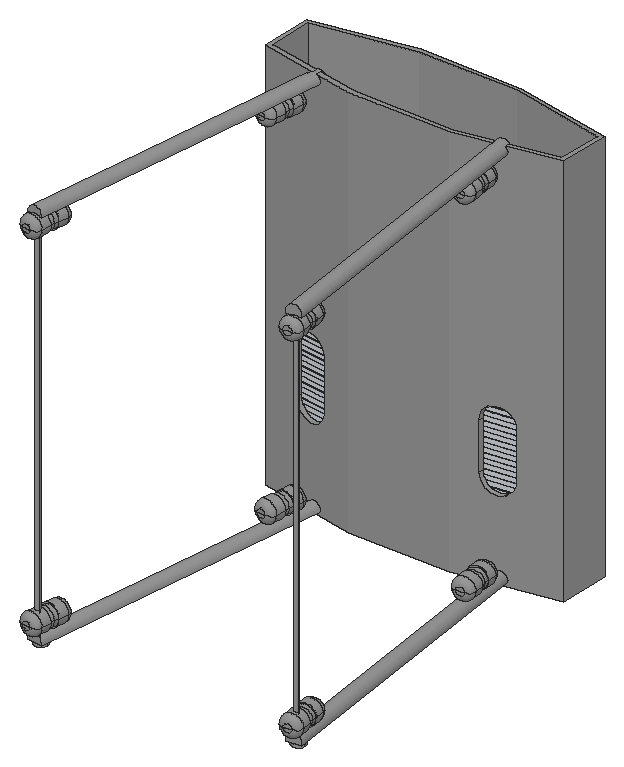
Revit family "Тренажер Кинезис Kinesis одномодульный Technogym", category Оборудование, Revit 2017
Family settings
  Размер круглого соединителя = Использовать диаметр
  Тип детали = Нормальный
  На основе рабочей плоскости = Нет
  Всегда вертикально = Да
  При загрузке вырезать с полостями = Нет
  Общий = Нет
  Точка расчета площади = Нет
Parameters (values of type "Многофункциональный тренажер Кинезис одномодульный")
  Ширина = 1360.0 mm
  Примечание = ""
  Позиция = ""
  Обозначение = "ML14"
  Наименование = "Многофункциональный тренажер Кинезис одномодульный, габариты (ВГШ): 2120х1802х1360"
  Масса = "365"
  Код оборудования = ""
  Keynote = ""
  Изготовитель = "Severin"
  Завод = "Technogym"
  Единицы = "шт."
  Группа модели = "ТХ"
  Глубина = 1802.0 mm
  Высота = 2120.0 mm
Types (2, lengths in mm): name | Обозначение | Наименование | Масса | Код оборудования | Изготовитель | Высота
  Многофункциональный тренажер Кинезис одномодульный | "ML14" | "Многофункциональный тренажер Кинезис одномодульный, габариты (ВГШ): 2120х1802х1360" | "365" | "" | "Severin" | 2120.0
  1640х1405х2120 | "-" | "Многофункциональный тренажер Кинезис Одномодульный" | "365 кг." | "ML14" | "Ant" | 1800.0
Reference planes
  plane 1 "По центру (Вперед/Назад)": y = 0
  plane 2: z = 0
  plane 3 "По центру (Влево/Вправо)": x = 0
  plane 4: x = -680
  plane 5: x = 680
  plane 6: y = 901
  plane 7: y = -901
  plane 8: z = 2120
  plane 9: z = 1060
Forms (mm)
  Extrusion 1, solid, material "Пластмасса, непрозрачная, белая", detail levels coarse+fine
    sketch origin (0, 0, 0) x (1, 0, 0) y (0, 1, 0)
      loop
        line (-680, 801) -> (-680, 571)
        arc (-680, 571) -> (0, 471) -> (680, 571) r 2362
        line (680, 571) -> (680, 801)
        arc (680, 801) -> (0, 901) -> (-680, 801) r 2362
      loop
        arc (660, 786.079) -> (0, 881) -> (-660, 786.079) r 2342
        line (-660, 786.079) -> (-660, 585.921)
        arc (-660, 585.921) -> (0, 491) -> (660, 585.921) r 2342
        line (660, 585.921) -> (660, 786.079)
    from 0 to 1800
  Extrusion 2, void
    sketch origin (0, 0, 210) x (1, 0, 0) y (0, 0, 1)
      loop
        arc (351.308, 235.362) -> (426.308, 160.362) -> (501.308, 235.362) r 75
        line (501.308, 235.362) -> (501.308, 450.362)
        arc (501.308, 450.362) -> (426.308, 525.362) -> (351.308, 450.362) r 75
        line (351.308, 450.362) -> (351.308, 235.362)
      loop
        line (-351.308, 235.362) -> (-351.308, 450.362)
        arc (-351.308, 450.362) -> (-426.308, 525.362) -> (-501.308, 450.362) r 75
        line (-501.308, 450.362) -> (-501.308, 235.362)
        arc (-501.308, 235.362) -> (-426.308, 160.362) -> (-351.308, 235.362) r 75
    from -653.712 to -480.91
  Sweep 3, solid, material "Пластмасса, непрозрачная, черная", detail levels coarse+fine
    path origin (0, 0, 0) x (1, 0, 0) y (0, 1, 0)
      loop
        line (-417.787, 548.826) -> (-590.841, -860.59)
    profile origin (-504.314, -155.882, 0) x (0.992546, -0.121869, 0) y (0, 0, 1)
      loop
        line (0, 15) -> (35, 15)
        arc (35, 15) -> (0, 50) -> (-35, 15) r 35
        line (-35, 15) -> (0, 15)
      loop
        line (0, 1766.167) -> (35, 1766.167)
        arc (35, 1766.167) -> (0, 1801.167) -> (-35, 1766.167) r 35
        line (-35, 1766.167) -> (0, 1766.167)
  Sweep 4, solid, material "Пластмасса, непрозрачная, черная", detail levels coarse+fine
    path origin (0, 0, 0) x (-1, 0, 0) y (0, 1, 0)
      loop
        line (-417.787, 548.826) -> (-590.841, -860.59)
    profile origin (504.314, -155.882, 0) x (0.992546, 0.121869, 0) y (0, 0, 1)
      loop
        line (0, 15) -> (33.541, 15)
        arc (33.541, 15) -> (0, 60) -> (-33.541, 15) r 35
        line (-33.541, 15) -> (0, 15)
      loop
        line (0, 1766.167) -> (33.541, 1766.167)
        arc (33.541, 1766.167) -> (0, 1811.167) -> (-33.541, 1766.167) r 35
        line (-33.541, 1766.167) -> (0, 1766.167)
  Extrusion 5, solid, material "Пластмасса, непрозрачная, черная", detail levels fine
    sketch origin (0, 15, 0) x (1, 0, 0) y (0, 1, 0)
      loop
        circle (-590.841, -860.59) r 10
    from 15 to 1766.167
  Extrusion 6, solid, material "Пластмасса, непрозрачная, черная", detail levels fine
    sketch origin (0, 15, 0) x (-1, 0, 0) y (0, -1, 0)
      loop
        circle (-590.841, 860.59) r 10
    from 15 to 1766.167
  Revolve 7, solid, material "Пластмасса, непрозрачная, черная", detail levels fine
    sketch origin (646.344, 679.248, 97.5) x (0.992546, -0.121869, 0) y (0.121869, 0.992546, 0)
      loop
        line (-1041.359, -359.894) -> (-1041.359, -549.894) -> (-1021.359, -549.894)
        arc (-1021.359, -549.894) -> (-1001.359, -541.61) -> (-993.075, -521.61) r 28.284
        line (-993.075, -521.61) -> (-993.075, -476.61) -> (-998.075, -476.61) -> (-998.075, -454.894) -> (-998.075, -433.178) -> (-993.075, -433.178) -> (-993.075, -388.178)
        arc (-993.075, -388.178) -> (-1001.359, -368.178) -> (-1021.359, -359.894) r 28.284
        line (-1021.359, -359.894) -> (-1041.359, -359.894)
      axis (-1041.359, -359.894) -> (-1041.359, -549.894)
    angle from 0 to 360
  Revolve 8, solid, material "Пластмасса, непрозрачная, черная", detail levels fine
    sketch origin (503.844, -482.709, 97.5) x (0.992546, -0.121869, 0) y (0.121869, 0.992546, 0)
      loop
        line (-1041.359, -359.894) -> (-1041.359, -549.894) -> (-1021.359, -549.894)
        arc (-1021.359, -549.894) -> (-1001.359, -541.61) -> (-993.075, -521.61) r 28.284
        line (-993.075, -521.61) -> (-993.075, -476.61) -> (-998.075, -476.61) -> (-998.075, -454.894) -> (-998.075, -433.178) -> (-993.075, -433.178) -> (-993.075, -388.178)
        arc (-993.075, -388.178) -> (-1001.359, -368.178) -> (-1021.359, -359.894) r 28.284
        line (-1021.359, -359.894) -> (-1041.359, -359.894)
      axis (-1041.359, -359.894) -> (-1041.359, -549.894)
    angle from 0 to 360
  Revolve 9, solid, material "Пластмасса, непрозрачная, черная", detail levels coarse+fine
    sketch origin (646.344, 679.248, 1723.559) x (0.992546, -0.121869, 0) y (0.121869, 0.992546, 0)
      loop
        line (-1041.359, -359.894) -> (-1041.359, -549.894) -> (-1021.359, -549.894)
        arc (-1021.359, -549.894) -> (-1001.359, -541.61) -> (-993.075, -521.61) r 28.284
        line (-993.075, -521.61) -> (-993.075, -476.61) -> (-998.075, -476.61) -> (-998.075, -454.894) -> (-998.075, -433.178) -> (-993.075, -433.178) -> (-993.075, -388.178)
        arc (-993.075, -388.178) -> (-1001.359, -368.178) -> (-1021.359, -359.894) r 28.284
        line (-1021.359, -359.894) -> (-1041.359, -359.894)
      axis (-1041.359, -359.894) -> (-1041.359, -549.894)
    angle from 0 to 360
  Revolve 10, solid, material "Пластмасса, непрозрачная, черная", detail levels coarse+fine
    sketch origin (503.844, -482.709, 1723.559) x (0.992546, -0.121869, 0) y (0.121869, 0.992546, 0)
      loop
        line (-1041.359, -359.894) -> (-1041.359, -549.894) -> (-1021.359, -549.894)
        arc (-1021.359, -549.894) -> (-1001.359, -541.61) -> (-993.075, -521.61) r 28.284
        line (-993.075, -521.61) -> (-993.075, -476.61) -> (-998.075, -476.61) -> (-998.075, -454.894) -> (-998.075, -433.178) -> (-993.075, -433.178) -> (-993.075, -388.178)
        arc (-993.075, -388.178) -> (-1001.359, -368.178) -> (-1021.359, -359.894) r 28.284
        line (-1021.359, -359.894) -> (-1041.359, -359.894)
      axis (-1041.359, -359.894) -> (-1041.359, -549.894)
    angle from 0 to 360
  Revolve 11, solid, material "Пластмасса, непрозрачная, черная", detail levels fine
    sketch origin (-646.344, 679.248, 97.5) x (-0.992546, -0.121869, 0) y (0.121869, -0.992546, 0)
      loop
        line (-1041.359, 359.894) -> (-1021.359, 359.894)
        arc (-1021.359, 359.894) -> (-1001.359, 368.178) -> (-993.075, 388.178) r 28.284
        line (-993.075, 388.178) -> (-993.075, 433.178) -> (-998.075, 433.178) -> (-998.075, 454.894) -> (-998.075, 476.61) -> (-993.075, 476.61) -> (-993.075, 521.61)
        arc (-993.075, 521.61) -> (-1001.359, 541.61) -> (-1021.359, 549.894) r 28.284
        line (-1021.359, 549.894) -> (-1041.359, 549.894) -> (-1041.359, 359.894)
      axis (-1041.359, 359.894) -> (-1041.359, 549.894)
    angle from 0 to 360
  Revolve 12, solid, material "Пластмасса, непрозрачная, черная", detail levels coarse+fine
    sketch origin (-646.344, 679.248, 1723.559) x (-0.992546, -0.121869, 0) y (0.121869, -0.992546, 0)
      loop
        line (-1041.359, 359.894) -> (-1021.359, 359.894)
        arc (-1021.359, 359.894) -> (-1001.359, 368.178) -> (-993.075, 388.178) r 28.284
        line (-993.075, 388.178) -> (-993.075, 433.178) -> (-998.075, 433.178) -> (-998.075, 454.894) -> (-998.075, 476.61) -> (-993.075, 476.61) -> (-993.075, 521.61)
        arc (-993.075, 521.61) -> (-1001.359, 541.61) -> (-1021.359, 549.894) r 28.284
        line (-1021.359, 549.894) -> (-1041.359, 549.894) -> (-1041.359, 359.894)
      axis (-1041.359, 359.894) -> (-1041.359, 549.894)
    angle from 0 to 360
  Revolve 13, solid, material "Пластмасса, непрозрачная, черная", detail levels fine
    sketch origin (-503.844, -482.709, 97.5) x (-0.992546, -0.121869, 0) y (0.121869, -0.992546, 0)
      loop
        line (-1041.359, 359.894) -> (-1021.359, 359.894)
        arc (-1021.359, 359.894) -> (-1001.359, 368.178) -> (-993.075, 388.178) r 28.284
        line (-993.075, 388.178) -> (-993.075, 433.178) -> (-998.075, 433.178) -> (-998.075, 454.894) -> (-998.075, 476.61) -> (-993.075, 476.61) -> (-993.075, 521.61)
        arc (-993.075, 521.61) -> (-1001.359, 541.61) -> (-1021.359, 549.894) r 28.284
        line (-1021.359, 549.894) -> (-1041.359, 549.894) -> (-1041.359, 359.894)
      axis (-1041.359, 359.894) -> (-1041.359, 549.894)
    angle from 0 to 360
  Revolve 14, solid, material "Пластмасса, непрозрачная, черная", detail levels coarse+fine
    sketch origin (-503.844, -482.709, 1723.559) x (-0.992546, -0.121869, 0) y (0.121869, -0.992546, 0)
      loop
        line (-1041.359, 359.894) -> (-1021.359, 359.894)
        arc (-1021.359, 359.894) -> (-1001.359, 368.178) -> (-993.075, 388.178) r 28.284
        line (-993.075, 388.178) -> (-993.075, 433.178) -> (-998.075, 433.178) -> (-998.075, 454.894) -> (-998.075, 476.61) -> (-993.075, 476.61) -> (-993.075, 521.61)
        arc (-993.075, 521.61) -> (-1001.359, 541.61) -> (-1021.359, 549.894) r 28.284
        line (-1021.359, 549.894) -> (-1041.359, 549.894) -> (-1041.359, 359.894)
      axis (-1041.359, 359.894) -> (-1041.359, 549.894)
    angle from 0 to 360
  Extrusion 15, solid, material "Пластмасса, непрозрачная, черная", detail levels fine
    sketch origin (0, 0, 0) x (1, 0, 0) y (0, 1, 0)
      loop
        circle (-587.837, -828.857) r 30
    from 0 to 15
  Extrusion 16, solid, material "Пластмасса, непрозрачная, черная", detail levels fine
    sketch origin (0, 0, 0) x (-1, 0, 0) y (0, -1, 0)
      loop
        circle (-587.837, 828.857) r 30
    from 0 to 15
  Extrusion 17, solid, detail levels fine
    sketch origin (379.662, 1285.429, 0) x (0.121869, -0.992546, 0) y (0.992546, 0.121869, 0)
      loop
        line (697.015, 160.234) -> (516.861, 160.234) -> (516.861, -279.766) -> (697.015, -279.766) -> (697.015, 160.234)
    from 194.957 to 215
  Extrusion 18, solid, detail levels fine
    sketch origin (379.662, 1285.429, 21.875) x (0.121869, -0.992546, 0) y (0.992546, 0.121869, 0)
      loop
        line (697.015, 160.234) -> (516.861, 160.234) -> (516.861, -279.766) -> (697.015, -279.766) -> (697.015, 160.234)
    from 194.957 to 215
  Extrusion 19, solid, detail levels fine
    sketch origin (379.662, 1285.429, 43.75) x (0.121869, -0.992546, 0) y (0.992546, 0.121869, 0)
      loop
        line (697.015, 160.234) -> (516.861, 160.234) -> (516.861, -279.766) -> (697.015, -279.766) -> (697.015, 160.234)
    from 194.957 to 215
  Extrusion 20, solid, detail levels fine
    sketch origin (379.662, 1285.429, 65.625) x (0.121869, -0.992546, 0) y (0.992546, 0.121869, 0)
      loop
        line (697.015, 160.234) -> (516.861, 160.234) -> (516.861, -279.766) -> (697.015, -279.766) -> (697.015, 160.234)
    from 194.957 to 215
  Extrusion 21, solid, detail levels fine
    sketch origin (379.662, 1285.429, 87.5) x (0.121869, -0.992546, 0) y (0.992546, 0.121869, 0)
      loop
        line (697.015, 160.234) -> (516.861, 160.234) -> (516.861, -279.766) -> (697.015, -279.766) -> (697.015, 160.234)
    from 194.957 to 215
  Extrusion 22, solid, detail levels fine
    sketch origin (379.662, 1285.429, 109.375) x (0.121869, -0.992546, 0) y (0.992546, 0.121869, 0)
      loop
        line (697.015, 160.234) -> (516.861, 160.234) -> (516.861, -279.766) -> (697.015, -279.766) -> (697.015, 160.234)
    from 194.957 to 215
  Extrusion 23, solid, detail levels fine
    sketch origin (379.662, 1285.429, 131.25) x (0.121869, -0.992546, 0) y (0.992546, 0.121869, 0)
      loop
        line (697.015, 160.234) -> (516.861, 160.234) -> (516.861, -279.766) -> (697.015, -279.766) -> (697.015, 160.234)
    from 194.957 to 215
  Extrusion 24, solid, detail levels fine
    sketch origin (379.662, 1285.429, 153.125) x (0.121869, -0.992546, 0) y (0.992546, 0.121869, 0)
      loop
        line (697.015, 160.234) -> (516.861, 160.234) -> (516.861, -279.766) -> (697.015, -279.766) -> (697.015, 160.234)
    from 194.957 to 215
  Extrusion 25, solid, detail levels fine
    sketch origin (379.662, 1285.429, 175) x (0.121869, -0.992546, 0) y (0.992546, 0.121869, 0)
      loop
        line (697.015, 160.234) -> (516.861, 160.234) -> (516.861, -279.766) -> (697.015, -279.766) -> (697.015, 160.234)
    from 194.957 to 215
  Extrusion 26, solid, detail levels fine
    sketch origin (379.662, 1285.429, 196.875) x (0.121869, -0.992546, 0) y (0.992546, 0.121869, 0)
      loop
        line (697.015, 160.234) -> (516.861, 160.234) -> (516.861, -279.766) -> (697.015, -279.766) -> (697.015, 160.234)
    from 194.957 to 215
  Extrusion 27, solid, detail levels fine
    sketch origin (379.662, 1285.429, 218.75) x (0.121869, -0.992546, 0) y (0.992546, 0.121869, 0)
      loop
        line (697.015, 160.234) -> (516.861, 160.234) -> (516.861, -279.766) -> (697.015, -279.766) -> (697.015, 160.234)
    from 194.957 to 215
  Extrusion 28, solid, detail levels fine
    sketch origin (379.662, 1285.429, 240.625) x (0.121869, -0.992546, 0) y (0.992546, 0.121869, 0)
      loop
        line (697.015, 160.234) -> (516.861, 160.234) -> (516.861, -279.766) -> (697.015, -279.766) -> (697.015, 160.234)
    from 194.957 to 215
  Extrusion 29, solid, detail levels fine
    sketch origin (379.662, 1285.429, 262.5) x (0.121869, -0.992546, 0) y (0.992546, 0.121869, 0)
      loop
        line (697.015, 160.234) -> (516.861, 160.234) -> (516.861, -279.766) -> (697.015, -279.766) -> (697.015, 160.234)
    from 194.957 to 215
  Extrusion 30, solid, detail levels fine
    sketch origin (379.662, 1285.429, 284.375) x (0.121869, -0.992546, 0) y (0.992546, 0.121869, 0)
      loop
        line (697.015, 160.234) -> (516.861, 160.234) -> (516.861, -279.766) -> (697.015, -279.766) -> (697.015, 160.234)
    from 194.957 to 215
  Extrusion 31, solid, detail levels fine
    sketch origin (379.662, 1285.429, 306.25) x (0.121869, -0.992546, 0) y (0.992546, 0.121869, 0)
      loop
        line (697.015, 160.234) -> (516.861, 160.234) -> (516.861, -279.766) -> (697.015, -279.766) -> (697.015, 160.234)
    from 194.957 to 215
  Extrusion 32, solid, detail levels fine
    sketch origin (379.662, 1285.429, 328.125) x (0.121869, -0.992546, 0) y (0.992546, 0.121869, 0)
      loop
        line (697.015, 160.234) -> (516.861, 160.234) -> (516.861, -279.766) -> (697.015, -279.766) -> (697.015, 160.234)
    from 194.957 to 215
  Extrusion 33, solid, detail levels fine
    sketch origin (379.662, 1285.429, 350) x (0.121869, -0.992546, 0) y (0.992546, 0.121869, 0)
      loop
        line (697.015, 160.234) -> (516.861, 160.234) -> (516.861, -279.766) -> (697.015, -279.766) -> (697.015, 160.234)
    from 194.957 to 215
  Extrusion 34, solid, detail levels fine
    sketch origin (379.662, 1285.429, 371.875) x (0.121869, -0.992546, 0) y (0.992546, 0.121869, 0)
      loop
        line (697.015, 160.234) -> (516.861, 160.234) -> (516.861, -279.766) -> (697.015, -279.766) -> (697.015, 160.234)
    from 194.957 to 215
  Extrusion 35, solid, detail levels fine
    sketch origin (379.662, 1285.429, 393.75) x (0.121869, -0.992546, 0) y (0.992546, 0.121869, 0)
      loop
        line (697.015, 160.234) -> (516.861, 160.234) -> (516.861, -279.766) -> (697.015, -279.766) -> (697.015, 160.234)
    from 194.957 to 215
  Extrusion 36, solid, detail levels fine
    sketch origin (379.662, 1285.429, 415.625) x (0.121869, -0.992546, 0) y (0.992546, 0.121869, 0)
      loop
        line (697.015, 160.234) -> (516.861, 160.234) -> (516.861, -279.766) -> (697.015, -279.766) -> (697.015, 160.234)
    from 194.957 to 215
  Extrusion 37, solid, detail levels fine
    sketch origin (379.662, 1285.429, 437.5) x (0.121869, -0.992546, 0) y (0.992546, 0.121869, 0)
      loop
        line (697.015, 160.234) -> (516.861, 160.234) -> (516.861, -279.766) -> (697.015, -279.766) -> (697.015, 160.234)
    from 194.957 to 215
  Extrusion 38, solid, detail levels fine
    sketch origin (379.662, 1285.429, 459.375) x (0.121869, -0.992546, 0) y (0.992546, 0.121869, 0)
      loop
        line (697.015, 160.234) -> (516.861, 160.234) -> (516.861, -279.766) -> (697.015, -279.766) -> (697.015, 160.234)
    from 194.957 to 215
  Extrusion 39, solid, detail levels fine
    sketch origin (379.662, 1285.429, 481.25) x (0.121869, -0.992546, 0) y (0.992546, 0.121869, 0)
      loop
        line (697.015, 160.234) -> (516.861, 160.234) -> (516.861, -279.766) -> (697.015, -279.766) -> (697.015, 160.234)
    from 194.957 to 215
  Extrusion 40, solid, detail levels fine
    sketch origin (379.662, 1285.429, 503.125) x (0.121869, -0.992546, 0) y (0.992546, 0.121869, 0)
      loop
        line (697.015, 160.234) -> (516.861, 160.234) -> (516.861, -279.766) -> (697.015, -279.766) -> (697.015, 160.234)
    from 194.957 to 215
  Extrusion 41, solid, detail levels fine
    sketch origin (379.662, 1285.429, 525) x (0.121869, -0.992546, 0) y (0.992546, 0.121869, 0)
      loop
        line (697.015, 160.234) -> (516.861, 160.234) -> (516.861, -279.766) -> (697.015, -279.766) -> (697.015, 160.234)
    from 194.957 to 215
  Extrusion 42, solid, detail levels fine
    sketch origin (379.662, 1285.429, 546.875) x (0.121869, -0.992546, 0) y (0.992546, 0.121869, 0)
      loop
        line (697.015, 160.234) -> (516.861, 160.234) -> (516.861, -279.766) -> (697.015, -279.766) -> (697.015, 160.234)
    from 194.957 to 215
  Extrusion 43, solid, detail levels fine
    sketch origin (379.662, 1285.429, 568.75) x (0.121869, -0.992546, 0) y (0.992546, 0.121869, 0)
      loop
        line (697.015, 160.234) -> (516.861, 160.234) -> (516.861, -279.766) -> (697.015, -279.766) -> (697.015, 160.234)
    from 194.957 to 215
  Extrusion 44, solid, detail levels fine
    sketch origin (379.662, 1285.429, 590.625) x (0.121869, -0.992546, 0) y (0.992546, 0.121869, 0)
      loop
        line (697.015, 160.234) -> (516.861, 160.234) -> (516.861, -279.766) -> (697.015, -279.766) -> (697.015, 160.234)
    from 194.957 to 215
  Extrusion 45, solid, detail levels fine
    sketch origin (379.662, 1285.429, 612.5) x (0.121869, -0.992546, 0) y (0.992546, 0.121869, 0)
      loop
        line (697.015, 160.234) -> (516.861, 160.234) -> (516.861, -279.766) -> (697.015, -279.766) -> (697.015, 160.234)
    from 194.957 to 215
  Extrusion 46, solid, detail levels fine
    sketch origin (379.662, 1285.429, 634.375) x (0.121869, -0.992546, 0) y (0.992546, 0.121869, 0)
      loop
        line (697.015, 160.234) -> (516.861, 160.234) -> (516.861, -279.766) -> (697.015, -279.766) -> (697.015, 160.234)
    from 194.957 to 215
  Extrusion 47, solid, detail levels fine
    sketch origin (379.662, 1285.429, 656.25) x (0.121869, -0.992546, 0) y (0.992546, 0.121869, 0)
      loop
        line (697.015, 160.234) -> (516.861, 160.234) -> (516.861, -279.766) -> (697.015, -279.766) -> (697.015, 160.234)
    from 194.957 to 215
  Extrusion 48, solid, detail levels fine
    sketch origin (379.662, 1285.429, 678.125) x (0.121869, -0.992546, 0) y (0.992546, 0.121869, 0)
      loop
        line (697.015, 160.234) -> (516.861, 160.234) -> (516.861, -279.766) -> (697.015, -279.766) -> (697.015, 160.234)
    from 194.957 to 215
  Extrusion 49, solid, detail levels fine
    sketch origin (379.662, 1285.429, 700) x (0.121869, -0.992546, 0) y (0.992546, 0.121869, 0)
      loop
        line (697.015, 160.234) -> (516.861, 160.234) -> (516.861, -279.766) -> (697.015, -279.766) -> (697.015, 160.234)
    from 194.957 to 215
  Extrusion 50, solid, detail levels fine
    sketch origin (379.662, 1285.429, 721.875) x (0.121869, -0.992546, 0) y (0.992546, 0.121869, 0)
      loop
        line (697.015, 160.234) -> (516.861, 160.234) -> (516.861, -279.766) -> (697.015, -279.766) -> (697.015, 160.234)
    from 194.957 to 215
  Extrusion 51, solid, detail levels fine
    sketch origin (379.662, 1285.429, 743.75) x (0.121869, -0.992546, 0) y (0.992546, 0.121869, 0)
      loop
        line (697.015, 160.234) -> (516.861, 160.234) -> (516.861, -279.766) -> (697.015, -279.766) -> (697.015, 160.234)
    from 194.957 to 215
  Extrusion 52, solid, detail levels fine
    sketch origin (379.662, 1285.429, 765.625) x (0.121869, -0.992546, 0) y (0.992546, 0.121869, 0)
      loop
        line (697.015, 160.234) -> (516.861, 160.234) -> (516.861, -279.766) -> (697.015, -279.766) -> (697.015, 160.234)
    from 194.957 to 215
  Extrusion 53, solid, detail levels fine
    sketch origin (379.662, 1285.429, 787.5) x (0.121869, -0.992546, 0) y (0.992546, 0.121869, 0)
      loop
        line (697.015, 160.234) -> (516.861, 160.234) -> (516.861, -279.766) -> (697.015, -279.766) -> (697.015, 160.234)
    from 194.957 to 215
  Extrusion 54, solid, detail levels fine
    sketch origin (-379.662, 1285.429, 0) x (-0.121869, -0.992546, 0) y (0.992546, -0.121869, 0)
      loop
        line (697.015, -160.234) -> (697.015, 279.766) -> (516.861, 279.766) -> (516.861, -160.234) -> (697.015, -160.234)
    from 194.957 to 215
  Extrusion 55, solid, detail levels fine
    sketch origin (-379.662, 1285.429, 21.875) x (-0.121869, -0.992546, 0) y (0.992546, -0.121869, 0)
      loop
        line (697.015, -160.234) -> (697.015, 279.766) -> (516.861, 279.766) -> (516.861, -160.234) -> (697.015, -160.234)
    from 194.957 to 215
  Extrusion 56, solid, detail levels fine
    sketch origin (-379.662, 1285.429, 43.75) x (-0.121869, -0.992546, 0) y (0.992546, -0.121869, 0)
      loop
        line (697.015, -160.234) -> (697.015, 279.766) -> (516.861, 279.766) -> (516.861, -160.234) -> (697.015, -160.234)
    from 194.957 to 215
  Extrusion 57, solid, detail levels fine
    sketch origin (-379.662, 1285.429, 65.625) x (-0.121869, -0.992546, 0) y (0.992546, -0.121869, 0)
      loop
        line (697.015, -160.234) -> (697.015, 279.766) -> (516.861, 279.766) -> (516.861, -160.234) -> (697.015, -160.234)
    from 194.957 to 215
  Extrusion 58, solid, detail levels fine
    sketch origin (-379.662, 1285.429, 87.5) x (-0.121869, -0.992546, 0) y (0.992546, -0.121869, 0)
      loop
        line (697.015, -160.234) -> (697.015, 279.766) -> (516.861, 279.766) -> (516.861, -160.234) -> (697.015, -160.234)
    from 194.957 to 215
  Extrusion 59, solid, detail levels fine
    sketch origin (-379.662, 1285.429, 109.375) x (-0.121869, -0.992546, 0) y (0.992546, -0.121869, 0)
      loop
        line (697.015, -160.234) -> (697.015, 279.766) -> (516.861, 279.766) -> (516.861, -160.234) -> (697.015, -160.234)
    from 194.957 to 215
  Extrusion 60, solid, detail levels fine
    sketch origin (-379.662, 1285.429, 131.25) x (-0.121869, -0.992546, 0) y (0.992546, -0.121869, 0)
      loop
        line (697.015, -160.234) -> (697.015, 279.766) -> (516.861, 279.766) -> (516.861, -160.234) -> (697.015, -160.234)
    from 194.957 to 215
  Extrusion 61, solid, detail levels fine
    sketch origin (-379.662, 1285.429, 153.125) x (-0.121869, -0.992546, 0) y (0.992546, -0.121869, 0)
      loop
        line (697.015, -160.234) -> (697.015, 279.766) -> (516.861, 279.766) -> (516.861, -160.234) -> (697.015, -160.234)
    from 194.957 to 215
  Extrusion 62, solid, detail levels fine
    sketch origin (-379.662, 1285.429, 175) x (-0.121869, -0.992546, 0) y (0.992546, -0.121869, 0)
      loop
        line (697.015, -160.234) -> (697.015, 279.766) -> (516.861, 279.766) -> (516.861, -160.234) -> (697.015, -160.234)
    from 194.957 to 215
  Extrusion 63, solid, detail levels fine
    sketch origin (-379.662, 1285.429, 196.875) x (-0.121869, -0.992546, 0) y (0.992546, -0.121869, 0)
      loop
        line (697.015, -160.234) -> (697.015, 279.766) -> (516.861, 279.766) -> (516.861, -160.234) -> (697.015, -160.234)
    from 194.957 to 215
  Extrusion 64, solid, detail levels fine
    sketch origin (-379.662, 1285.429, 218.75) x (-0.121869, -0.992546, 0) y (0.992546, -0.121869, 0)
      loop
        line (697.015, -160.234) -> (697.015, 279.766) -> (516.861, 279.766) -> (516.861, -160.234) -> (697.015, -160.234)
    from 194.957 to 215
  Extrusion 65, solid, detail levels fine
    sketch origin (-379.662, 1285.429, 240.625) x (-0.121869, -0.992546, 0) y (0.992546, -0.121869, 0)
      loop
        line (697.015, -160.234) -> (697.015, 279.766) -> (516.861, 279.766) -> (516.861, -160.234) -> (697.015, -160.234)
    from 194.957 to 215
  Extrusion 66, solid, detail levels fine
    sketch origin (-379.662, 1285.429, 262.5) x (-0.121869, -0.992546, 0) y (0.992546, -0.121869, 0)
      loop
        line (697.015, -160.234) -> (697.015, 279.766) -> (516.861, 279.766) -> (516.861, -160.234) -> (697.015, -160.234)
    from 194.957 to 215
  Extrusion 67, solid, detail levels fine
    sketch origin (-379.662, 1285.429, 284.375) x (-0.121869, -0.992546, 0) y (0.992546, -0.121869, 0)
      loop
        line (697.015, -160.234) -> (697.015, 279.766) -> (516.861, 279.766) -> (516.861, -160.234) -> (697.015, -160.234)
    from 194.957 to 215
  Extrusion 68, solid, detail levels fine
    sketch origin (-379.662, 1285.429, 306.25) x (-0.121869, -0.992546, 0) y (0.992546, -0.121869, 0)
      loop
        line (697.015, -160.234) -> (697.015, 279.766) -> (516.861, 279.766) -> (516.861, -160.234) -> (697.015, -160.234)
    from 194.957 to 215
  Extrusion 69, solid, detail levels fine
    sketch origin (-379.662, 1285.429, 328.125) x (-0.121869, -0.992546, 0) y (0.992546, -0.121869, 0)
      loop
        line (697.015, -160.234) -> (697.015, 279.766) -> (516.861, 279.766) -> (516.861, -160.234) -> (697.015, -160.234)
    from 194.957 to 215
  Extrusion 70, solid, detail levels fine
    sketch origin (-379.662, 1285.429, 350) x (-0.121869, -0.992546, 0) y (0.992546, -0.121869, 0)
      loop
        line (697.015, -160.234) -> (697.015, 279.766) -> (516.861, 279.766) -> (516.861, -160.234) -> (697.015, -160.234)
    from 194.957 to 215
  Extrusion 71, solid, detail levels fine
    sketch origin (-379.662, 1285.429, 371.875) x (-0.121869, -0.992546, 0) y (0.992546, -0.121869, 0)
      loop
        line (697.015, -160.234) -> (697.015, 279.766) -> (516.861, 279.766) -> (516.861, -160.234) -> (697.015, -160.234)
    from 194.957 to 215
  Extrusion 72, solid, detail levels fine
    sketch origin (-379.662, 1285.429, 393.75) x (-0.121869, -0.992546, 0) y (0.992546, -0.121869, 0)
      loop
        line (697.015, -160.234) -> (697.015, 279.766) -> (516.861, 279.766) -> (516.861, -160.234) -> (697.015, -160.234)
    from 194.957 to 215
  Extrusion 73, solid, detail levels fine
    sketch origin (-379.662, 1285.429, 415.625) x (-0.121869, -0.992546, 0) y (0.992546, -0.121869, 0)
      loop
        line (697.015, -160.234) -> (697.015, 279.766) -> (516.861, 279.766) -> (516.861, -160.234) -> (697.015, -160.234)
    from 194.957 to 215
  Extrusion 74, solid, detail levels fine
    sketch origin (-379.662, 1285.429, 437.5) x (-0.121869, -0.992546, 0) y (0.992546, -0.121869, 0)
      loop
        line (697.015, -160.234) -> (697.015, 279.766) -> (516.861, 279.766) -> (516.861, -160.234) -> (697.015, -160.234)
    from 194.957 to 215
  Extrusion 75, solid, detail levels fine
    sketch origin (-379.662, 1285.429, 459.375) x (-0.121869, -0.992546, 0) y (0.992546, -0.121869, 0)
      loop
        line (697.015, -160.234) -> (697.015, 279.766) -> (516.861, 279.766) -> (516.861, -160.234) -> (697.015, -160.234)
    from 194.957 to 215
  Extrusion 76, solid, detail levels fine
    sketch origin (-379.662, 1285.429, 481.25) x (-0.121869, -0.992546, 0) y (0.992546, -0.121869, 0)
      loop
        line (697.015, -160.234) -> (697.015, 279.766) -> (516.861, 279.766) -> (516.861, -160.234) -> (697.015, -160.234)
    from 194.957 to 215
  Extrusion 77, solid, detail levels fine
    sketch origin (-379.662, 1285.429, 503.125) x (-0.121869, -0.992546, 0) y (0.992546, -0.121869, 0)
      loop
        line (697.015, -160.234) -> (697.015, 279.766) -> (516.861, 279.766) -> (516.861, -160.234) -> (697.015, -160.234)
    from 194.957 to 215
  Extrusion 78, solid, detail levels fine
    sketch origin (-379.662, 1285.429, 525) x (-0.121869, -0.992546, 0) y (0.992546, -0.121869, 0)
      loop
        line (697.015, -160.234) -> (697.015, 279.766) -> (516.861, 279.766) -> (516.861, -160.234) -> (697.015, -160.234)
    from 194.957 to 215
  Extrusion 79, solid, detail levels fine
    sketch origin (-379.662, 1285.429, 546.875) x (-0.121869, -0.992546, 0) y (0.992546, -0.121869, 0)
      loop
        line (697.015, -160.234) -> (697.015, 279.766) -> (516.861, 279.766) -> (516.861, -160.234) -> (697.015, -160.234)
    from 194.957 to 215
  Extrusion 80, solid, detail levels fine
    sketch origin (-379.662, 1285.429, 568.75) x (-0.121869, -0.992546, 0) y (0.992546, -0.121869, 0)
      loop
        line (697.015, -160.234) -> (697.015, 279.766) -> (516.861, 279.766) -> (516.861, -160.234) -> (697.015, -160.234)
    from 194.957 to 215
  Extrusion 81, solid, detail levels fine
    sketch origin (-379.662, 1285.429, 590.625) x (-0.121869, -0.992546, 0) y (0.992546, -0.121869, 0)
      loop
        line (697.015, -160.234) -> (697.015, 279.766) -> (516.861, 279.766) -> (516.861, -160.234) -> (697.015, -160.234)
    from 194.957 to 215
  Extrusion 82, solid, detail levels fine
    sketch origin (-379.662, 1285.429, 612.5) x (-0.121869, -0.992546, 0) y (0.992546, -0.121869, 0)
      loop
        line (697.015, -160.234) -> (697.015, 279.766) -> (516.861, 279.766) -> (516.861, -160.234) -> (697.015, -160.234)
    from 194.957 to 215
  Extrusion 83, solid, detail levels fine
    sketch origin (-379.662, 1285.429, 634.375) x (-0.121869, -0.992546, 0) y (0.992546, -0.121869, 0)
      loop
        line (697.015, -160.234) -> (697.015, 279.766) -> (516.861, 279.766) -> (516.861, -160.234) -> (697.015, -160.234)
    from 194.957 to 215
  Extrusion 84, solid, detail levels fine
    sketch origin (-379.662, 1285.429, 656.25) x (-0.121869, -0.992546, 0) y (0.992546, -0.121869, 0)
      loop
        line (697.015, -160.234) -> (697.015, 279.766) -> (516.861, 279.766) -> (516.861, -160.234) -> (697.015, -160.234)
    from 194.957 to 215
  Extrusion 85, solid, detail levels fine
    sketch origin (-379.662, 1285.429, 678.125) x (-0.121869, -0.992546, 0) y (0.992546, -0.121869, 0)
      loop
        line (697.015, -160.234) -> (697.015, 279.766) -> (516.861, 279.766) -> (516.861, -160.234) -> (697.015, -160.234)
    from 194.957 to 215
  Extrusion 86, solid, detail levels fine
    sketch origin (-379.662, 1285.429, 700) x (-0.121869, -0.992546, 0) y (0.992546, -0.121869, 0)
      loop
        line (697.015, -160.234) -> (697.015, 279.766) -> (516.861, 279.766) -> (516.861, -160.234) -> (697.015, -160.234)
    from 194.957 to 215
  Extrusion 87, solid, detail levels fine
    sketch origin (-379.662, 1285.429, 721.875) x (-0.121869, -0.992546, 0) y (0.992546, -0.121869, 0)
      loop
        line (697.015, -160.234) -> (697.015, 279.766) -> (516.861, 279.766) -> (516.861, -160.234) -> (697.015, -160.234)
    from 194.957 to 215
  Extrusion 88, solid, detail levels fine
    sketch origin (-379.662, 1285.429, 743.75) x (-0.121869, -0.992546, 0) y (0.992546, -0.121869, 0)
      loop
        line (697.015, -160.234) -> (697.015, 279.766) -> (516.861, 279.766) -> (516.861, -160.234) -> (697.015, -160.234)
    from 194.957 to 215
  Extrusion 89, solid, detail levels fine
    sketch origin (-379.662, 1285.429, 765.625) x (-0.121869, -0.992546, 0) y (0.992546, -0.121869, 0)
      loop
        line (697.015, -160.234) -> (697.015, 279.766) -> (516.861, 279.766) -> (516.861, -160.234) -> (697.015, -160.234)
    from 194.957 to 215
  Extrusion 90, solid, detail levels fine
    sketch origin (-379.662, 1285.429, 787.5) x (-0.121869, -0.992546, 0) y (0.992546, -0.121869, 0)
      loop
        line (697.015, -160.234) -> (697.015, 279.766) -> (516.861, 279.766) -> (516.861, -160.234) -> (697.015, -160.234)
    from 194.957 to 215
Cuts and joins
  Extrusion 2 cuts Extrusion 1
Lines and regions (mm)
  symbolic lines, detail levels medium
    curve 1: line (680, -901, 0) -> (-680, -901, 0)
    curve 2: line (680, 901, 0) -> (680, -901, 0)
    curve 3: line (-680, 901, 0) -> (680, 901, 0)
    curve 4: line (-680, -901, 0) -> (-680, 901, 0)
    curve 5: line (-13.163, -901, 0) -> (0, 18.799, 0)
    curve 6: line (13.163, -901, 0) -> (0, 18.799, 0)
Dimensions and locks
  equal spacing: plane 4, plane 3 "По центру (Влево/Вправо)", plane 5
  "Ширина": plane 4 to plane 5
  equal spacing: plane 6, plane 1 "По центру (Вперед/Назад)", plane 7
  "Глубина": plane 6 to plane 7
  equal spacing: plane 8, plane 9, level
  "Высота": plane 8 to level
  aligned and locked: level to plane 2
Automatic sketch dimensions
  curve 1 to plane 4 = 0.0 mm
  curve 5 to plane 7 = 0.0 mm
  curve 5 to plane 3 "По центру (Влево/Вправо)" = 0.0 mm
  curve 2 to plane 5 = 0.0 mm
  curve 3 to plane 6 = 0.0 mm
  curve 5 to plane 1 "По центру (Вперед/Назад)" = 18.799 mm
  curve 5 to plane 3 "По центру (Влево/Вправо)" = 13.163 mm
  plane 3 "По центру (Влево/Вправо)" to curve 6 = 13.163 mm
  Extrusion 1 sketch curve to Extrusion 1 sketch curve = 0.0 mm  (x4)
  Extrusion 1 sketch curve to plane 4 = 0.0 mm
  Extrusion 1 sketch curve to plane 3 "По центру (Влево/Вправо)" = 0.0 mm  (x2)
  Extrusion 1 sketch curve to plane 5 = 0.0 mm
  plane 4 to Extrusion 1 sketch curve = 20.0 mm
  Extrusion 1 sketch curve to plane 5 = 20.0 mm
  Extrusion 1 sketch curve to plane 7 = 560.0 mm
  Extrusion 1 sketch curve to plane 6 = 330.0 mm
  Extrusion 1 sketch curve to Extrusion 1 sketch curve = 14.921 mm  (x2)
  Extrusion 1 sketch curve to plane 6 = 114.921 mm
  plane 6 to Extrusion 1 sketch curve = 1932.0 mm
  plane 4 to Extrusion 2 sketch curve = 178.692 mm
  Extrusion 2 sketch curve to Extrusion 2 sketch curve = 75.0 mm  (x2)
  Extrusion 2 sketch curve to plane 5 = 328.692 mm
  level to Extrusion 2 sketch curve = 445.362 mm  (x2)
  Extrusion 2 sketch curve to Extrusion 2 sketch curve = 215.0 mm  (x2)
  plane 7 to Sweep 3 sketch curve = 40.41 mm
  plane 4 to Sweep 3 sketch curve = 89.159 mm
  plane 4 to Sweep 3 sketch curve = 262.213 mm
  Sweep 3 sketch curve to plane 6 = 352.174 mm
  Sweep 3 sketch curve to profile plane = 0.0 mm  (x4)
  profile plane to Sweep 3 sketch curve = 35.0 mm  (x2)
  level to Sweep 3 sketch curve = 15.0 mm
  Sweep 3 sketch curve to Sweep 3 sketch curve = 1751.167 mm
  Sweep 4 sketch curve to plane 7 = 40.41 mm
  plane 5 to Sweep 4 sketch curve = 89.159 mm
  plane 5 to Sweep 4 sketch curve = 262.213 mm
  plane 6 to Sweep 4 sketch curve = 352.174 mm
  Sweep 4 sketch curve to profile plane = 0.0 mm  (x4)
  level to Sweep 4 sketch curve = 15.0 mm
  profile plane to Sweep 4 sketch curve = 33.541 mm  (x2)
  Sweep 4 sketch curve to Sweep 4 sketch curve = 10.0 mm  (x2)
  Sweep 4 sketch curve to Sweep 4 sketch curve = 1741.167 mm
  plane 4 to Extrusion 5 sketch curve = 89.159 mm
  plane 7 to Extrusion 5 sketch curve = 55.41 mm
  plane 5 to Extrusion 6 sketch curve = 89.159 mm
  Extrusion 6 sketch curve to plane 7 = 55.41 mm
  Revolve 7 sketch curve to plane 1 "По центру (Вперед/Назад)" = 448.946 mm
  plane 4 to Revolve 7 sketch curve = 248.887 mm
  Revolve 7 sketch curve to Revolve 7 sketch curve = 20.0 mm  (x2)
  Revolve 7 sketch curve to Revolve 7 sketch curve = 23.284 mm
  Revolve 7 sketch curve to Revolve 7 sketch curve = 5.0 mm
  Revolve 7 sketch curve to Revolve 7 sketch curve = 28.284 mm
  Revolve 7 sketch curve to Revolve 7 sketch curve = 45.0 mm  (x2)
  Revolve 7 sketch curve to Revolve 7 sketch curve = 21.716 mm  (x2)
  Revolve 7 sketch curve to Revolve 7 sketch curve = 0.0 mm  (x3)
  plane 7 to Revolve 8 sketch curve = 187.989 mm
  plane 4 to Revolve 8 sketch curve = 106.387 mm
  Revolve 8 sketch curve to Revolve 8 sketch curve = 20.0 mm  (x2)
  Revolve 8 sketch curve to Revolve 8 sketch curve = 23.284 mm
  Revolve 8 sketch curve to Revolve 8 sketch curve = 5.0 mm
  Revolve 8 sketch curve to Revolve 8 sketch curve = 28.284 mm
  Revolve 8 sketch curve to Revolve 8 sketch curve = 45.0 mm  (x2)
  Revolve 8 sketch curve to Revolve 8 sketch curve = 21.716 mm  (x2)
  Revolve 8 sketch curve to Revolve 8 sketch curve = 0.0 mm  (x3)
  Revolve 9 sketch curve to plane 1 "По центру (Вперед/Назад)" = 448.946 mm
  plane 4 to Revolve 9 sketch curve = 248.887 mm
  Revolve 9 sketch curve to Revolve 9 sketch curve = 20.0 mm  (x2)
  Revolve 9 sketch curve to Revolve 9 sketch curve = 23.284 mm
  Revolve 9 sketch curve to Revolve 9 sketch curve = 5.0 mm
  Revolve 9 sketch curve to Revolve 9 sketch curve = 28.284 mm
  Revolve 9 sketch curve to Revolve 9 sketch curve = 45.0 mm  (x2)
  Revolve 9 sketch curve to Revolve 9 sketch curve = 21.716 mm  (x2)
  Revolve 9 sketch curve to Revolve 9 sketch curve = 0.0 mm  (x3)
  plane 7 to Revolve 10 sketch curve = 187.989 mm
  plane 4 to Revolve 10 sketch curve = 106.387 mm
  Revolve 10 sketch curve to Revolve 10 sketch curve = 20.0 mm  (x2)
  Revolve 10 sketch curve to Revolve 10 sketch curve = 23.284 mm
  Revolve 10 sketch curve to Revolve 10 sketch curve = 5.0 mm
  Revolve 10 sketch curve to Revolve 10 sketch curve = 28.284 mm
  Revolve 10 sketch curve to Revolve 10 sketch curve = 45.0 mm  (x2)
  Revolve 10 sketch curve to Revolve 10 sketch curve = 21.716 mm  (x2)
  Revolve 10 sketch curve to Revolve 10 sketch curve = 0.0 mm  (x3)
  Revolve 11 sketch curve to plane 1 "По центру (Вперед/Назад)" = 448.946 mm
  Revolve 11 sketch curve to plane 5 = 248.887 mm
  Revolve 11 sketch curve to Revolve 11 sketch curve = 20.0 mm  (x2)
  Revolve 11 sketch curve to Revolve 11 sketch curve = 23.284 mm
  Revolve 11 sketch curve to Revolve 11 sketch curve = 5.0 mm
  Revolve 11 sketch curve to Revolve 11 sketch curve = 28.284 mm
  Revolve 11 sketch curve to Revolve 11 sketch curve = 45.0 mm  (x2)
  Revolve 11 sketch curve to Revolve 11 sketch curve = 21.716 mm  (x2)
  Revolve 11 sketch curve to Revolve 11 sketch curve = 0.0 mm  (x3)
  Revolve 12 sketch curve to plane 1 "По центру (Вперед/Назад)" = 448.946 mm
  Revolve 12 sketch curve to plane 5 = 248.887 mm
  Revolve 12 sketch curve to Revolve 12 sketch curve = 20.0 mm  (x2)
  Revolve 12 sketch curve to Revolve 12 sketch curve = 23.284 mm
  Revolve 12 sketch curve to Revolve 12 sketch curve = 5.0 mm
  Revolve 12 sketch curve to Revolve 12 sketch curve = 28.284 mm
  Revolve 12 sketch curve to Revolve 12 sketch curve = 45.0 mm  (x2)
  Revolve 12 sketch curve to Revolve 12 sketch curve = 21.716 mm  (x2)
  Revolve 12 sketch curve to Revolve 12 sketch curve = 0.0 mm  (x3)
  plane 7 to Revolve 13 sketch curve = 187.989 mm
  Revolve 13 sketch curve to plane 5 = 106.387 mm
  Revolve 13 sketch curve to Revolve 13 sketch curve = 20.0 mm  (x2)
  Revolve 13 sketch curve to Revolve 13 sketch curve = 23.284 mm
  Revolve 13 sketch curve to Revolve 13 sketch curve = 5.0 mm
  Revolve 13 sketch curve to Revolve 13 sketch curve = 28.284 mm
  Revolve 13 sketch curve to Revolve 13 sketch curve = 45.0 mm  (x2)
  Revolve 13 sketch curve to Revolve 13 sketch curve = 21.716 mm  (x2)
  Revolve 13 sketch curve to Revolve 13 sketch curve = 0.0 mm  (x3)
  plane 7 to Revolve 14 sketch curve = 187.989 mm
  Revolve 14 sketch curve to plane 5 = 106.387 mm
  Revolve 14 sketch curve to Revolve 14 sketch curve = 20.0 mm  (x2)
  Revolve 14 sketch curve to Revolve 14 sketch curve = 23.284 mm
  Revolve 14 sketch curve to Revolve 14 sketch curve = 5.0 mm
  Revolve 14 sketch curve to Revolve 14 sketch curve = 28.284 mm
  Revolve 14 sketch curve to Revolve 14 sketch curve = 45.0 mm  (x2)
  Revolve 14 sketch curve to Revolve 14 sketch curve = 21.716 mm  (x2)
  Revolve 14 sketch curve to Revolve 14 sketch curve = 0.0 mm  (x3)
  plane 4 to Extrusion 15 sketch curve = 92.163 mm
  plane 7 to Extrusion 15 sketch curve = 72.143 mm
  plane 5 to Extrusion 16 sketch curve = 92.163 mm
  Extrusion 16 sketch curve to plane 7 = 72.143 mm
  Extrusion 17 sketch curve to plane 5 = 78.308 mm
  Extrusion 17 sketch curve to plane 6 = 109.052 mm
  Extrusion 17 sketch curve to Extrusion 17 sketch curve = 180.154 mm
  Extrusion 17 sketch curve to Extrusion 17 sketch curve = 440.0 mm
  Extrusion 18 sketch curve to plane 5 = 78.308 mm
  Extrusion 18 sketch curve to plane 6 = 109.052 mm
  Extrusion 18 sketch curve to Extrusion 18 sketch curve = 180.154 mm
  Extrusion 18 sketch curve to Extrusion 18 sketch curve = 440.0 mm
  Extrusion 19 sketch curve to plane 5 = 78.308 mm
  Extrusion 19 sketch curve to plane 6 = 109.052 mm
  Extrusion 19 sketch curve to Extrusion 19 sketch curve = 180.154 mm
  Extrusion 19 sketch curve to Extrusion 19 sketch curve = 440.0 mm
  Extrusion 20 sketch curve to plane 5 = 78.308 mm
  Extrusion 20 sketch curve to plane 6 = 109.052 mm
  Extrusion 20 sketch curve to Extrusion 20 sketch curve = 180.154 mm
  Extrusion 20 sketch curve to Extrusion 20 sketch curve = 440.0 mm
  Extrusion 21 sketch curve to plane 5 = 78.308 mm
  Extrusion 21 sketch curve to plane 6 = 109.052 mm
  Extrusion 21 sketch curve to Extrusion 21 sketch curve = 180.154 mm
  Extrusion 21 sketch curve to Extrusion 21 sketch curve = 440.0 mm
  Extrusion 22 sketch curve to plane 5 = 78.308 mm
  Extrusion 22 sketch curve to plane 6 = 109.052 mm
  Extrusion 22 sketch curve to Extrusion 22 sketch curve = 180.154 mm
  Extrusion 22 sketch curve to Extrusion 22 sketch curve = 440.0 mm
  Extrusion 23 sketch curve to plane 5 = 78.308 mm
  Extrusion 23 sketch curve to plane 6 = 109.052 mm
  Extrusion 23 sketch curve to Extrusion 23 sketch curve = 180.154 mm
  Extrusion 23 sketch curve to Extrusion 23 sketch curve = 440.0 mm
  Extrusion 24 sketch curve to plane 5 = 78.308 mm
  Extrusion 24 sketch curve to plane 6 = 109.052 mm
  Extrusion 24 sketch curve to Extrusion 24 sketch curve = 180.154 mm
  Extrusion 24 sketch curve to Extrusion 24 sketch curve = 440.0 mm
  Extrusion 25 sketch curve to plane 5 = 78.308 mm
  Extrusion 25 sketch curve to plane 6 = 109.052 mm
  Extrusion 25 sketch curve to Extrusion 25 sketch curve = 180.154 mm
  Extrusion 25 sketch curve to Extrusion 25 sketch curve = 440.0 mm
  Extrusion 26 sketch curve to plane 5 = 78.308 mm
  Extrusion 26 sketch curve to plane 6 = 109.052 mm
  Extrusion 26 sketch curve to Extrusion 26 sketch curve = 180.154 mm
  Extrusion 26 sketch curve to Extrusion 26 sketch curve = 440.0 mm
  Extrusion 27 sketch curve to plane 5 = 78.308 mm
  Extrusion 27 sketch curve to plane 6 = 109.052 mm
  Extrusion 27 sketch curve to Extrusion 27 sketch curve = 180.154 mm
  Extrusion 27 sketch curve to Extrusion 27 sketch curve = 440.0 mm
  Extrusion 28 sketch curve to plane 5 = 78.308 mm
  Extrusion 28 sketch curve to plane 6 = 109.052 mm
  Extrusion 28 sketch curve to Extrusion 28 sketch curve = 180.154 mm
  Extrusion 28 sketch curve to Extrusion 28 sketch curve = 440.0 mm
  Extrusion 29 sketch curve to plane 5 = 78.308 mm
  Extrusion 29 sketch curve to plane 6 = 109.052 mm
  Extrusion 29 sketch curve to Extrusion 29 sketch curve = 180.154 mm
  Extrusion 29 sketch curve to Extrusion 29 sketch curve = 440.0 mm
  Extrusion 30 sketch curve to plane 5 = 78.308 mm
  Extrusion 30 sketch curve to plane 6 = 109.052 mm
  Extrusion 30 sketch curve to Extrusion 30 sketch curve = 180.154 mm
  Extrusion 30 sketch curve to Extrusion 30 sketch curve = 440.0 mm
  Extrusion 31 sketch curve to plane 5 = 78.308 mm
  Extrusion 31 sketch curve to plane 6 = 109.052 mm
  Extrusion 31 sketch curve to Extrusion 31 sketch curve = 180.154 mm
  Extrusion 31 sketch curve to Extrusion 31 sketch curve = 440.0 mm
  Extrusion 32 sketch curve to plane 5 = 78.308 mm
  Extrusion 32 sketch curve to plane 6 = 109.052 mm
  Extrusion 32 sketch curve to Extrusion 32 sketch curve = 180.154 mm
  Extrusion 32 sketch curve to Extrusion 32 sketch curve = 440.0 mm
  Extrusion 33 sketch curve to plane 5 = 78.308 mm
  Extrusion 33 sketch curve to plane 6 = 109.052 mm
  Extrusion 33 sketch curve to Extrusion 33 sketch curve = 180.154 mm
  Extrusion 33 sketch curve to Extrusion 33 sketch curve = 440.0 mm
  Extrusion 34 sketch curve to plane 5 = 78.308 mm
  Extrusion 34 sketch curve to plane 6 = 109.052 mm
  Extrusion 34 sketch curve to Extrusion 34 sketch curve = 180.154 mm
  Extrusion 34 sketch curve to Extrusion 34 sketch curve = 440.0 mm
  Extrusion 35 sketch curve to plane 5 = 78.308 mm
  Extrusion 35 sketch curve to plane 6 = 109.052 mm
  Extrusion 35 sketch curve to Extrusion 35 sketch curve = 180.154 mm
  Extrusion 35 sketch curve to Extrusion 35 sketch curve = 440.0 mm
  Extrusion 36 sketch curve to plane 5 = 78.308 mm
  Extrusion 36 sketch curve to plane 6 = 109.052 mm
  Extrusion 36 sketch curve to Extrusion 36 sketch curve = 180.154 mm
  Extrusion 36 sketch curve to Extrusion 36 sketch curve = 440.0 mm
  Extrusion 37 sketch curve to plane 5 = 78.308 mm
  Extrusion 37 sketch curve to plane 6 = 109.052 mm
  Extrusion 37 sketch curve to Extrusion 37 sketch curve = 180.154 mm
  Extrusion 37 sketch curve to Extrusion 37 sketch curve = 440.0 mm
  Extrusion 38 sketch curve to plane 5 = 78.308 mm
  Extrusion 38 sketch curve to plane 6 = 109.052 mm
  Extrusion 38 sketch curve to Extrusion 38 sketch curve = 180.154 mm
  Extrusion 38 sketch curve to Extrusion 38 sketch curve = 440.0 mm
  Extrusion 39 sketch curve to plane 5 = 78.308 mm
  Extrusion 39 sketch curve to plane 6 = 109.052 mm
  Extrusion 39 sketch curve to Extrusion 39 sketch curve = 180.154 mm
  Extrusion 39 sketch curve to Extrusion 39 sketch curve = 440.0 mm
  Extrusion 40 sketch curve to plane 5 = 78.308 mm
  Extrusion 40 sketch curve to plane 6 = 109.052 mm
  Extrusion 40 sketch curve to Extrusion 40 sketch curve = 180.154 mm
  Extrusion 40 sketch curve to Extrusion 40 sketch curve = 440.0 mm
  Extrusion 41 sketch curve to plane 5 = 78.308 mm
  Extrusion 41 sketch curve to plane 6 = 109.052 mm
  Extrusion 41 sketch curve to Extrusion 41 sketch curve = 180.154 mm
  Extrusion 41 sketch curve to Extrusion 41 sketch curve = 440.0 mm
  Extrusion 42 sketch curve to plane 5 = 78.308 mm
  Extrusion 42 sketch curve to plane 6 = 109.052 mm
  Extrusion 42 sketch curve to Extrusion 42 sketch curve = 180.154 mm
  Extrusion 42 sketch curve to Extrusion 42 sketch curve = 440.0 mm
  Extrusion 43 sketch curve to plane 5 = 78.308 mm
  Extrusion 43 sketch curve to plane 6 = 109.052 mm
  Extrusion 43 sketch curve to Extrusion 43 sketch curve = 180.154 mm
  Extrusion 43 sketch curve to Extrusion 43 sketch curve = 440.0 mm
  Extrusion 44 sketch curve to plane 5 = 78.308 mm
  Extrusion 44 sketch curve to plane 6 = 109.052 mm
  Extrusion 44 sketch curve to Extrusion 44 sketch curve = 180.154 mm
  Extrusion 44 sketch curve to Extrusion 44 sketch curve = 440.0 mm
  Extrusion 45 sketch curve to plane 5 = 78.308 mm
  Extrusion 45 sketch curve to plane 6 = 109.052 mm
  Extrusion 45 sketch curve to Extrusion 45 sketch curve = 180.154 mm
  Extrusion 45 sketch curve to Extrusion 45 sketch curve = 440.0 mm
  Extrusion 46 sketch curve to plane 5 = 78.308 mm
  Extrusion 46 sketch curve to plane 6 = 109.052 mm
  Extrusion 46 sketch curve to Extrusion 46 sketch curve = 180.154 mm
  Extrusion 46 sketch curve to Extrusion 46 sketch curve = 440.0 mm
  Extrusion 47 sketch curve to plane 5 = 78.308 mm
  Extrusion 47 sketch curve to plane 6 = 109.052 mm
  Extrusion 47 sketch curve to Extrusion 47 sketch curve = 180.154 mm
  Extrusion 47 sketch curve to Extrusion 47 sketch curve = 440.0 mm
  Extrusion 48 sketch curve to plane 5 = 78.308 mm
  Extrusion 48 sketch curve to plane 6 = 109.052 mm
  Extrusion 48 sketch curve to Extrusion 48 sketch curve = 180.154 mm
  Extrusion 48 sketch curve to Extrusion 48 sketch curve = 440.0 mm
  Extrusion 49 sketch curve to plane 5 = 78.308 mm
  Extrusion 49 sketch curve to plane 6 = 109.052 mm
  Extrusion 49 sketch curve to Extrusion 49 sketch curve = 180.154 mm
  Extrusion 49 sketch curve to Extrusion 49 sketch curve = 440.0 mm
  Extrusion 50 sketch curve to plane 5 = 78.308 mm
  Extrusion 50 sketch curve to plane 6 = 109.052 mm
  Extrusion 50 sketch curve to Extrusion 50 sketch curve = 180.154 mm
  Extrusion 50 sketch curve to Extrusion 50 sketch curve = 440.0 mm
  Extrusion 51 sketch curve to plane 5 = 78.308 mm
  Extrusion 51 sketch curve to plane 6 = 109.052 mm
  Extrusion 51 sketch curve to Extrusion 51 sketch curve = 180.154 mm
  Extrusion 51 sketch curve to Extrusion 51 sketch curve = 440.0 mm
  Extrusion 52 sketch curve to plane 5 = 78.308 mm
  Extrusion 52 sketch curve to plane 6 = 109.052 mm
  Extrusion 52 sketch curve to Extrusion 52 sketch curve = 180.154 mm
  Extrusion 52 sketch curve to Extrusion 52 sketch curve = 440.0 mm
  Extrusion 53 sketch curve to plane 5 = 78.308 mm
  Extrusion 53 sketch curve to plane 6 = 109.052 mm
  Extrusion 53 sketch curve to Extrusion 53 sketch curve = 180.154 mm
  Extrusion 53 sketch curve to Extrusion 53 sketch curve = 440.0 mm
  plane 4 to Extrusion 54 sketch curve = 78.308 mm
  Extrusion 54 sketch curve to plane 6 = 109.052 mm
  Extrusion 54 sketch curve to Extrusion 54 sketch curve = 180.154 mm
  Extrusion 54 sketch curve to Extrusion 54 sketch curve = 440.0 mm
  plane 4 to Extrusion 55 sketch curve = 78.308 mm
  Extrusion 55 sketch curve to plane 6 = 109.052 mm
  Extrusion 55 sketch curve to Extrusion 55 sketch curve = 180.154 mm
  Extrusion 55 sketch curve to Extrusion 55 sketch curve = 440.0 mm
  plane 4 to Extrusion 56 sketch curve = 78.308 mm
  Extrusion 56 sketch curve to plane 6 = 109.052 mm
  Extrusion 56 sketch curve to Extrusion 56 sketch curve = 180.154 mm
  Extrusion 56 sketch curve to Extrusion 56 sketch curve = 440.0 mm
  plane 4 to Extrusion 57 sketch curve = 78.308 mm
  Extrusion 57 sketch curve to plane 6 = 109.052 mm
  Extrusion 57 sketch curve to Extrusion 57 sketch curve = 180.154 mm
  Extrusion 57 sketch curve to Extrusion 57 sketch curve = 440.0 mm
  plane 4 to Extrusion 58 sketch curve = 78.308 mm
  Extrusion 58 sketch curve to plane 6 = 109.052 mm
  Extrusion 58 sketch curve to Extrusion 58 sketch curve = 180.154 mm
  Extrusion 58 sketch curve to Extrusion 58 sketch curve = 440.0 mm
  plane 4 to Extrusion 59 sketch curve = 78.308 mm
  Extrusion 59 sketch curve to plane 6 = 109.052 mm
  Extrusion 59 sketch curve to Extrusion 59 sketch curve = 180.154 mm
  Extrusion 59 sketch curve to Extrusion 59 sketch curve = 440.0 mm
  plane 4 to Extrusion 60 sketch curve = 78.308 mm
  Extrusion 60 sketch curve to plane 6 = 109.052 mm
  Extrusion 60 sketch curve to Extrusion 60 sketch curve = 180.154 mm
  Extrusion 60 sketch curve to Extrusion 60 sketch curve = 440.0 mm
  plane 4 to Extrusion 61 sketch curve = 78.308 mm
  Extrusion 61 sketch curve to plane 6 = 109.052 mm
  Extrusion 61 sketch curve to Extrusion 61 sketch curve = 180.154 mm
  Extrusion 61 sketch curve to Extrusion 61 sketch curve = 440.0 mm
  plane 4 to Extrusion 62 sketch curve = 78.308 mm
  Extrusion 62 sketch curve to plane 6 = 109.052 mm
  Extrusion 62 sketch curve to Extrusion 62 sketch curve = 180.154 mm
  Extrusion 62 sketch curve to Extrusion 62 sketch curve = 440.0 mm
  plane 4 to Extrusion 63 sketch curve = 78.308 mm
  Extrusion 63 sketch curve to plane 6 = 109.052 mm
  Extrusion 63 sketch curve to Extrusion 63 sketch curve = 180.154 mm
  Extrusion 63 sketch curve to Extrusion 63 sketch curve = 440.0 mm
  plane 4 to Extrusion 64 sketch curve = 78.308 mm
  Extrusion 64 sketch curve to plane 6 = 109.052 mm
  Extrusion 64 sketch curve to Extrusion 64 sketch curve = 180.154 mm
  Extrusion 64 sketch curve to Extrusion 64 sketch curve = 440.0 mm
  plane 4 to Extrusion 65 sketch curve = 78.308 mm
  Extrusion 65 sketch curve to plane 6 = 109.052 mm
  Extrusion 65 sketch curve to Extrusion 65 sketch curve = 180.154 mm
  Extrusion 65 sketch curve to Extrusion 65 sketch curve = 440.0 mm
  plane 4 to Extrusion 66 sketch curve = 78.308 mm
  Extrusion 66 sketch curve to plane 6 = 109.052 mm
  Extrusion 66 sketch curve to Extrusion 66 sketch curve = 180.154 mm
  Extrusion 66 sketch curve to Extrusion 66 sketch curve = 440.0 mm
  plane 4 to Extrusion 67 sketch curve = 78.308 mm
  Extrusion 67 sketch curve to plane 6 = 109.052 mm
  Extrusion 67 sketch curve to Extrusion 67 sketch curve = 180.154 mm
  Extrusion 67 sketch curve to Extrusion 67 sketch curve = 440.0 mm
  plane 4 to Extrusion 68 sketch curve = 78.308 mm
  Extrusion 68 sketch curve to plane 6 = 109.052 mm
  Extrusion 68 sketch curve to Extrusion 68 sketch curve = 180.154 mm
  Extrusion 68 sketch curve to Extrusion 68 sketch curve = 440.0 mm
  plane 4 to Extrusion 69 sketch curve = 78.308 mm
  Extrusion 69 sketch curve to plane 6 = 109.052 mm
  Extrusion 69 sketch curve to Extrusion 69 sketch curve = 180.154 mm
  Extrusion 69 sketch curve to Extrusion 69 sketch curve = 440.0 mm
  plane 4 to Extrusion 70 sketch curve = 78.308 mm
  Extrusion 70 sketch curve to plane 6 = 109.052 mm
  Extrusion 70 sketch curve to Extrusion 70 sketch curve = 180.154 mm
  Extrusion 70 sketch curve to Extrusion 70 sketch curve = 440.0 mm
  plane 4 to Extrusion 71 sketch curve = 78.308 mm
  Extrusion 71 sketch curve to plane 6 = 109.052 mm
  Extrusion 71 sketch curve to Extrusion 71 sketch curve = 180.154 mm
  Extrusion 71 sketch curve to Extrusion 71 sketch curve = 440.0 mm
  plane 4 to Extrusion 72 sketch curve = 78.308 mm
  Extrusion 72 sketch curve to plane 6 = 109.052 mm
  Extrusion 72 sketch curve to Extrusion 72 sketch curve = 180.154 mm
  Extrusion 72 sketch curve to Extrusion 72 sketch curve = 440.0 mm
  plane 4 to Extrusion 73 sketch curve = 78.308 mm
  Extrusion 73 sketch curve to plane 6 = 109.052 mm
  Extrusion 73 sketch curve to Extrusion 73 sketch curve = 180.154 mm
  Extrusion 73 sketch curve to Extrusion 73 sketch curve = 440.0 mm
  plane 4 to Extrusion 74 sketch curve = 78.308 mm
  Extrusion 74 sketch curve to plane 6 = 109.052 mm
  Extrusion 74 sketch curve to Extrusion 74 sketch curve = 180.154 mm
  Extrusion 74 sketch curve to Extrusion 74 sketch curve = 440.0 mm
  plane 4 to Extrusion 75 sketch curve = 78.308 mm
  Extrusion 75 sketch curve to plane 6 = 109.052 mm
  Extrusion 75 sketch curve to Extrusion 75 sketch curve = 180.154 mm
  Extrusion 75 sketch curve to Extrusion 75 sketch curve = 440.0 mm
  plane 4 to Extrusion 76 sketch curve = 78.308 mm
  Extrusion 76 sketch curve to plane 6 = 109.052 mm
  Extrusion 76 sketch curve to Extrusion 76 sketch curve = 180.154 mm
  Extrusion 76 sketch curve to Extrusion 76 sketch curve = 440.0 mm
  plane 4 to Extrusion 77 sketch curve = 78.308 mm
  Extrusion 77 sketch curve to plane 6 = 109.052 mm
  Extrusion 77 sketch curve to Extrusion 77 sketch curve = 180.154 mm
  Extrusion 77 sketch curve to Extrusion 77 sketch curve = 440.0 mm
  plane 4 to Extrusion 78 sketch curve = 78.308 mm
  Extrusion 78 sketch curve to plane 6 = 109.052 mm
  Extrusion 78 sketch curve to Extrusion 78 sketch curve = 180.154 mm
  Extrusion 78 sketch curve to Extrusion 78 sketch curve = 440.0 mm
  plane 4 to Extrusion 79 sketch curve = 78.308 mm
  Extrusion 79 sketch curve to plane 6 = 109.052 mm
  Extrusion 79 sketch curve to Extrusion 79 sketch curve = 180.154 mm
  Extrusion 79 sketch curve to Extrusion 79 sketch curve = 440.0 mm
  plane 4 to Extrusion 80 sketch curve = 78.308 mm
  Extrusion 80 sketch curve to plane 6 = 109.052 mm
  Extrusion 80 sketch curve to Extrusion 80 sketch curve = 180.154 mm
  Extrusion 80 sketch curve to Extrusion 80 sketch curve = 440.0 mm
  plane 4 to Extrusion 81 sketch curve = 78.308 mm
  Extrusion 81 sketch curve to plane 6 = 109.052 mm
  Extrusion 81 sketch curve to Extrusion 81 sketch curve = 180.154 mm
  Extrusion 81 sketch curve to Extrusion 81 sketch curve = 440.0 mm
  plane 4 to Extrusion 82 sketch curve = 78.308 mm
  Extrusion 82 sketch curve to plane 6 = 109.052 mm
  Extrusion 82 sketch curve to Extrusion 82 sketch curve = 180.154 mm
  Extrusion 82 sketch curve to Extrusion 82 sketch curve = 440.0 mm
  plane 4 to Extrusion 83 sketch curve = 78.308 mm
  Extrusion 83 sketch curve to plane 6 = 109.052 mm
  Extrusion 83 sketch curve to Extrusion 83 sketch curve = 180.154 mm
  Extrusion 83 sketch curve to Extrusion 83 sketch curve = 440.0 mm
  plane 4 to Extrusion 84 sketch curve = 78.308 mm
  Extrusion 84 sketch curve to plane 6 = 109.052 mm
  Extrusion 84 sketch curve to Extrusion 84 sketch curve = 180.154 mm
  Extrusion 84 sketch curve to Extrusion 84 sketch curve = 440.0 mm
  plane 4 to Extrusion 85 sketch curve = 78.308 mm
  Extrusion 85 sketch curve to plane 6 = 109.052 mm
  Extrusion 85 sketch curve to Extrusion 85 sketch curve = 180.154 mm
  Extrusion 85 sketch curve to Extrusion 85 sketch curve = 440.0 mm
  plane 4 to Extrusion 86 sketch curve = 78.308 mm
  Extrusion 86 sketch curve to plane 6 = 109.052 mm
  Extrusion 86 sketch curve to Extrusion 86 sketch curve = 180.154 mm
  Extrusion 86 sketch curve to Extrusion 86 sketch curve = 440.0 mm
  plane 4 to Extrusion 87 sketch curve = 78.308 mm
  Extrusion 87 sketch curve to plane 6 = 109.052 mm
  Extrusion 87 sketch curve to Extrusion 87 sketch curve = 180.154 mm
  Extrusion 87 sketch curve to Extrusion 87 sketch curve = 440.0 mm
  plane 4 to Extrusion 88 sketch curve = 78.308 mm
  Extrusion 88 sketch curve to plane 6 = 109.052 mm
  Extrusion 88 sketch curve to Extrusion 88 sketch curve = 180.154 mm
  Extrusion 88 sketch curve to Extrusion 88 sketch curve = 440.0 mm
  plane 4 to Extrusion 89 sketch curve = 78.308 mm
  Extrusion 89 sketch curve to plane 6 = 109.052 mm
  Extrusion 89 sketch curve to Extrusion 89 sketch curve = 180.154 mm
  Extrusion 89 sketch curve to Extrusion 89 sketch curve = 440.0 mm
  plane 4 to Extrusion 90 sketch curve = 78.308 mm
  Extrusion 90 sketch curve to plane 6 = 109.052 mm
  Extrusion 90 sketch curve to Extrusion 90 sketch curve = 180.154 mm
  Extrusion 90 sketch curve to Extrusion 90 sketch curve = 440.0 mm
  radius of Extrusion 5 sketch curve = 10.0 mm
  radius of Extrusion 6 sketch curve = 10.0 mm
  radius of Extrusion 15 sketch curve = 30.0 mm
  radius of Extrusion 16 sketch curve = 30.0 mm
